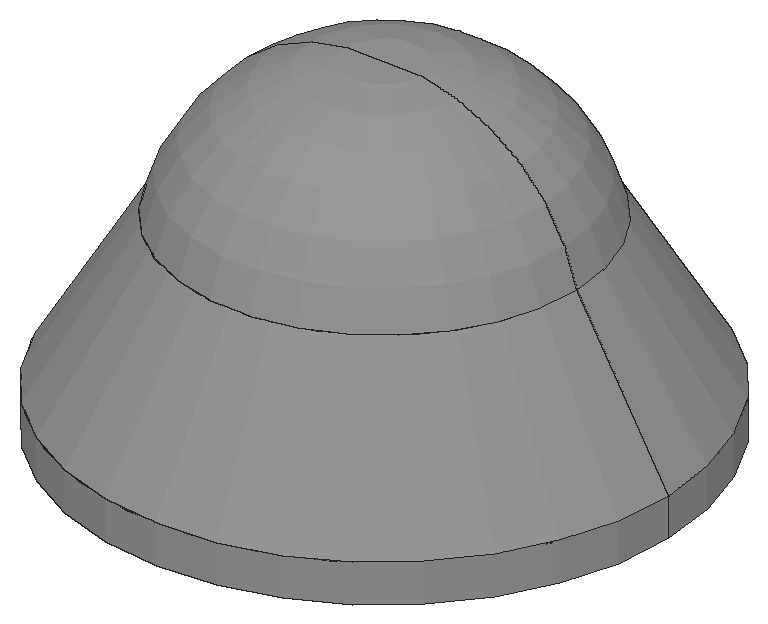
Revit family "HOLM-DOWN_LIGHT_LED_14W_O148+connect_19_3000K", category Lighting Fixtures, host Ceiling, Revit 2021
Family settings
  Host = Ceiling
  Round Connector Dimension = Use Diameter
  Part Type = Normal
  OmniClass Number = 23.80.70.11
  OmniClass Title = Luminaries for Internal Lighting
  Always vertical = Yes
  Cut with Voids When Loaded = No
  Light Source = Yes
  Shared = No
  Room Calculation Point = No
Parameters (values of type "Type 1")
  Wattage = 8.75174 W
  built-in parameter 1150110 = 1 (stored number, unit not read)
  URL = "https://www.lucera.fr/"
  Type de lampe = "LED XC-COB Bridgelux 2630"
  built-in parameter 1114217 = 1 (stored number, unit not read)
  Tilt Angle = 90.00°
  built-in parameter 1150109 = 1 (stored number, unit not read)
  built-in parameter 1150134 = (empty or 0)
  built-in parameter 1150113 = 1 (stored number, unit not read)
  SDCM = "3"
  Puissance nominale = "14W"
  Photometric Web File = "google_eulumdat_converter (2).ies"
  Matériau = "Aluminium"
  Manufacturer = "Lucera - Lucera (c) 06/01/2021 16:39:19 +01:00"  # constant formula
  Maintien du flux = "L80B10 (50 000 heures)"
  Lumens = 1300 lm
  built-in parameter 1150115 = 1 (stored number, unit not read)
  built-in parameter 1150105 = 103.45 (stored number, unit not read)
  built-in parameter 1150137 = (empty or 0)
  built-in parameter 1150139 = (empty or 0)
  built-in parameter 1150112 = 1 (stored number, unit not read)
  built-in parameter 1150114 = 1 (stored number, unit not read)
  built-in parameter 1150132 = 2
  built-in parameter 1150102 = (empty or 0)
  built-in parameter 1150138 = (empty or 0)
  built-in parameter 1150107 = 3000 (stored number, unit not read)
  built-in parameter 1150106 = 1.0345 (stored number, unit not read)
  IRC = ">90"
  built-in parameter 1150104 = 13.8 (stored number, unit not read)
  Durée de vie = "50 000 heures"
  Driver = "Driver Lifud TUV CE CCC"
  Dimming Lamp Color Temperature Shift = <None>
  Dimensions = "Ø 148 mm, H = 85 mm"
  Dimension découpe = "Ø 125-140 mm"
  Default Elevation = 0 mm
  Couleur = "Blanc"
  Color Filter = 16777215
  built-in parameter 1114218 = 1 (stored number, unit not read)
  built-in parameter 1150133 = 10 (stored number, unit not read)
  Angle d'éclairage = "60°"
  Alimentation luminaire = "25-40V dc / 350mA"
  Alimentation Driver = "AC 220-240V"
Reference planes
  plane 1 "Light Source Axis (F/B)": y = 0
  plane 2: z = 0
  plane 3 "Light Source Axis (L/R)": x = 0
  plane 4 "Ceiling": z = 4000
  plane 5 "Light Source Elevation": z = 3991.673
Forms (mm)
  Blend 1, solid, material "Aluminum, blanc"
    base sketch origin (0, 0, 4000) x (0, 1, 0) y (-1, 0, 0)
      loop
        circle (0, 0) r 74
    top sketch origin (0, 0, 4000) x (0, 1, 0) y (-1, 0, 0)
      loop
        circle (0, 0) r 50
    from 0 to 39.386
  Extrusion 2, solid, material "Aluminum, blanc"
    sketch origin (0, 0, 4000) x (0, 1, 0) y (-1, 0, 0)
      loop
        circle (0, 0) r 74
      loop
        circle (0, 0) r 50
    from -10 to 0
  Extrusion 3, solid, material "Glass, White, High Luminance"
    sketch origin (0, 0, 4000) x (0, 1, 0) y (-1, 0, 0)
      loop
        circle (0, 0) r 50
    from -10 to 0
  Revolve 4, solid, material "Aluminum, gris"
    sketch origin (0, 0, 0) x (1, 0, 0) y (0, 0, 1)
      loop
        line (0, 4075) -> (0, 4039.386) -> (50, 4039.386)
        arc (50, 4039.386) -> (31.734, 4066.647) -> (0, 4075) r 46.387
      axis (0, 4075) -> (0, 4039.386)
    angle from 0 to 360
Lines and regions (mm)
  reference lines
    curve 1: line (0, 0, 4000) -> (74, 0, 4000)
    curve 2: line (0, 0, 4000) -> (-74, 0, 4000)
    curve 3: line (0, 0, 3750) -> (0, 0, 3835)
    curve 4: line (0, 0, 3990) -> (0, 0, 4075)
Dimensions and locks
  equal spacing: host sketch curve, plane 3 "Light Source Axis (L/R)", host sketch curve
  equal spacing: host sketch curve, plane 1 "Light Source Axis (F/B)", host sketch curve
  host sketch curve to host sketch curve = 4000 mm  (x2)
  plane 4 "Ceiling" to host ceiling = 0 mm
  aligned and locked: plane 1 "Light Source Axis (F/B)" to imposter light
  aligned and locked: plane 5 "Light Source Elevation" to imposter light
